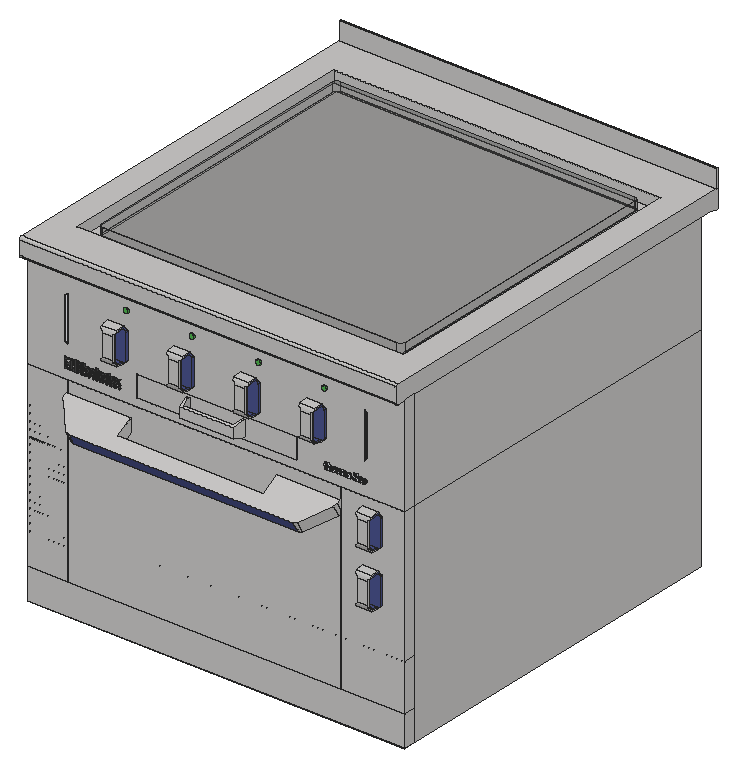
Revit family "QF_ELECTROLUXPROFESSIONAL_588695_MBLMGBH8AO", category Attrezzature speciali, Revit 2020 (continued)
Definition of nested family "Front_Panel_W800_Four Knobs_Spie"
  Definition of nested family "ELX_Professional_Logo_Small"
    Forms (mm)
      Extrusion 2, solid, material <- "Material_Logo"
        sketch origin (15.5, 0, 0) x (1, 0, 0) y (0, 1, 0)
          loop
            spline (-12.295, -0.468) -> (-12.474, -0.643) -> (-12.659, -0.805) -> (-12.85, -0.953) -> (-13.048, -1.087) -> (-13.254, -1.206) -> (-13.467, -1.311) -> (-13.69, -1.4) -> (-13.921, -1.475) -> (-14.162, -1.533) -> (-14.414, -1.575) -> (-14.677, -1.6) -> (-14.951, -1.609)
            spline (-14.951, -1.609) -> (-15.398, -1.581) -> (-15.823, -1.497) -> (-16.223, -1.362) -> (-16.596, -1.179) -> (-16.937, -0.95) -> (-17.243, -0.678) -> (-17.512, -0.367) -> (-17.739, -0.02) -> (-17.921, 0.36) -> (-18.055, 0.771) -> (-18.138, 1.208) -> (-18.167, 1.669)
          loop
            spline (-4.441, -1.243) -> (-4.659, -1.247) -> (-4.894, -1.23) -> (-5.137, -1.19) -> (-5.384, -1.121) -> (-5.628, -1.021) -> (-5.864, -0.884) -> (-6.084, -0.708) -> (-6.283, -0.488) -> (-6.454, -0.219) -> (-6.592, 0.101) -> (-6.69, 0.478) -> (-6.742, 0.914)
            line (-6.742, 0.914) -> (-6.742, 4.587) -> (-4.487, 4.587) -> (-4.487, 6.838) -> (-6.738, 6.838) -> (-6.738, 10.824) -> (-9.217, 10.824) -> (-9.217, 0.773)
            spline (-9.217, 0.773) -> (-9.164, 0.19) -> (-9.068, -0.358) -> (-8.928, -0.87) -> (-8.742, -1.343) -> (-8.511, -1.777) -> (-8.232, -2.168) -> (-7.904, -2.515) -> (-7.527, -2.816) -> (-7.098, -3.069) -> (-6.618, -3.273) -> (-6.084, -3.426) -> (-5.496, -3.525)
            line (-5.496, -3.525) -> (-4.45, -3.573) -> (-4.441, -1.243)
          loop
            spline (3.898, 6.983) -> (3.469, 7.009) -> (3.056, 7.001) -> (2.661, 6.961) -> (2.283, 6.888) -> (1.925, 6.785) -> (1.588, 6.652) -> (1.272, 6.49) -> (0.979, 6.301) -> (0.71, 6.085) -> (0.465, 5.844) -> (0.247, 5.578) -> (0.056, 5.289)
            line (0.056, 5.289) -> (0.056, 6.838) -> (-2.402, 6.838) -> (-2.402, -3.572) -> (0.056, -3.572) -> (0.056, 1.901)
            spline (0.056, 1.901) -> (0.079, 2.316) -> (0.145, 2.703) -> (0.254, 3.06) -> (0.404, 3.386) -> (0.592, 3.679) -> (0.818, 3.938) -> (1.08, 4.162) -> (1.375, 4.348) -> (1.703, 4.495) -> (2.062, 4.602) -> (2.45, 4.668) -> (2.865, 4.69)
            line (2.865, 4.69) -> (3.898, 4.586) -> (3.898, 6.983)
          loop
            spline (15.638, 1.633) -> (15.586, 2.396) -> (15.435, 3.124) -> (15.192, 3.81) -> (14.863, 4.449) -> (14.455, 5.034) -> (13.975, 5.56) -> (13.43, 6.021) -> (12.826, 6.411) -> (12.17, 6.724) -> (11.469, 6.955) -> (10.729, 7.098) -> (9.958, 7.147)
            spline (9.958, 7.147) -> (9.182, 7.098) -> (8.44, 6.955) -> (7.737, 6.724) -> (7.081, 6.411) -> (6.477, 6.021) -> (5.933, 5.56) -> (5.454, 5.034) -> (5.048, 4.449) -> (4.721, 3.81) -> (4.479, 3.124) -> (4.329, 2.396) -> (4.277, 1.633)
            spline (4.277, 1.633) -> (4.329, 0.869) -> (4.479, 0.141) -> (4.721, -0.544) -> (5.048, -1.183) -> (5.454, -1.768) -> (5.933, -2.294) -> (6.477, -2.755) -> (7.081, -3.145) -> (7.737, -3.459) -> (8.44, -3.69) -> (9.182, -3.833) -> (9.958, -3.882)
            spline (9.958, -3.882) -> (10.729, -3.833) -> (11.469, -3.69) -> (12.17, -3.459) -> (12.826, -3.145) -> (13.43, -2.755) -> (13.975, -2.294) -> (14.455, -1.768) -> (14.863, -1.183) -> (15.192, -0.544) -> (15.435, 0.141) -> (15.586, 0.869) -> (15.638, 1.633)
          loop
            spline (13.18, 1.633) -> (13.151, 2.083) -> (13.067, 2.513) -> (12.932, 2.918) -> (12.748, 3.296) -> (12.52, 3.642) -> (12.251, 3.954) -> (11.943, 4.227) -> (11.601, 4.459) -> (11.228, 4.645) -> (10.828, 4.782) -> (10.403, 4.867) -> (9.958, 4.896)
            spline (9.958, 4.896) -> (9.509, 4.867) -> (9.081, 4.782) -> (8.679, 4.645) -> (8.306, 4.459) -> (7.964, 4.227) -> (7.658, 3.954) -> (7.39, 3.642) -> (7.163, 3.296) -> (6.981, 2.918) -> (6.847, 2.513) -> (6.765, 2.083) -> (6.736, 1.633)
            spline (6.736, 1.633) -> (6.765, 1.182) -> (6.847, 0.753) -> (6.981, 0.347) -> (7.163, -0.031) -> (7.39, -0.377) -> (7.658, -0.689) -> (7.964, -0.962) -> (8.306, -1.193) -> (8.679, -1.38) -> (9.081, -1.517) -> (9.509, -1.602) -> (9.958, -1.631)
            spline (9.958, -1.631) -> (10.403, -1.602) -> (10.828, -1.517) -> (11.228, -1.38) -> (11.601, -1.193) -> (11.943, -0.962) -> (12.251, -0.689) -> (12.52, -0.377) -> (12.748, -0.031) -> (12.932, 0.347) -> (13.067, 0.753) -> (13.151, 1.182) -> (13.18, 1.633)
          loop
            line (17.162, 4.269) -> (17.162, -3.573) -> (19.642, -3.573) -> (19.642, 10.824) -> (17.162, 10.824) -> (17.162, 4.269)
          loop
            line (28.581, 6.838) -> (28.581, 0.786)
            spline (28.581, 0.786) -> (28.561, 0.393) -> (28.503, 0.038) -> (28.409, -0.279) -> (28.281, -0.559) -> (28.122, -0.802) -> (27.933, -1.011) -> (27.717, -1.185) -> (27.476, -1.325) -> (27.213, -1.433) -> (26.929, -1.509) -> (26.626, -1.554) -> (26.308, -1.569)
            spline (26.308, -1.569) -> (25.99, -1.554) -> (25.688, -1.509) -> (25.404, -1.434) -> (25.141, -1.326) -> (24.9, -1.187) -> (24.684, -1.014) -> (24.496, -0.807) -> (24.336, -0.565) -> (24.209, -0.288) -> (24.115, 0.026) -> (24.057, 0.376) -> (24.037, 0.765)
            line (24.037, 0.765) -> (24.037, 6.838) -> (21.537, 6.838) -> (21.537, 0.558)
            spline (21.537, 0.558) -> (21.581, -0.153) -> (21.71, -0.8) -> (21.916, -1.384) -> (22.195, -1.904) -> (22.54, -2.362) -> (22.944, -2.757) -> (23.403, -3.09) -> (23.909, -3.362) -> (24.456, -3.572) -> (25.04, -3.722) -> (25.652, -3.811) -> (26.288, -3.841)
            spline (26.288, -3.841) -> (26.929, -3.811) -> (27.547, -3.72) -> (28.135, -3.568) -> (28.687, -3.355) -> (29.197, -3.079) -> (29.66, -2.741) -> (30.068, -2.341) -> (30.415, -1.877) -> (30.696, -1.349) -> (30.905, -0.757) -> (31.034, -0.101) -> (31.079, 0.621)
            line (31.079, 0.621) -> (31.079, 6.838) -> (28.581, 6.838)
          loop
            line (40.457, -0.243) -> (38.894, 1.942) -> (40.83, 4.579) -> (42.488, 6.837) -> (39.782, 6.837) -> (37.53, 3.719) -> (35.258, 6.837) -> (32.573, 6.837) -> (34.113, 4.731) -> (36.167, 1.922) -> (34.014, -1.076) -> (32.222, -3.573) -> (34.887, -3.573) -> (37.53, 0.104) -> (40.174, -3.573) -> (42.839, -3.573) -> (40.457, -0.243)
          loop
            line (-46.121, -5.837) -> (-48.039, -5.837) -> (-48.039, -10.814) -> (-47.016, -10.814) -> (-47.016, -9.128) -> (-46.121, -9.128)
            arc (-46.121, -9.128) -> (-44.476, -7.482) -> (-46.121, -5.837) r 1.645
          loop
            line (-46.163, -6.778) -> (-47.016, -6.778) -> (-47.016, -8.187) -> (-46.163, -8.187)
            arc (-46.163, -8.187) -> (-45.458, -7.482) -> (-46.163, -6.778) r 0.704
          loop
            line (-38.313, -5.837) -> (-40.265, -5.837) -> (-40.265, -10.814) -> (-39.241, -10.814) -> (-39.241, -9.1) -> (-38.46, -9.182) -> (-37.48, -10.814) -> (-36.318, -10.814) -> (-37.513, -8.848)
            arc (-37.513, -8.848) -> (-36.888, -8.266) -> (-36.671, -7.441) r 1.536
            arc (-36.671, -7.441) -> (-37.165, -6.305) -> (-38.313, -5.837) r 1.643
          loop
            arc (-38.402, -8.166) -> (-37.707, -7.505) -> (-38.334, -6.778) r 0.696
            line (-38.334, -6.778) -> (-39.241, -6.778) -> (-39.241, -8.166) -> (-38.402, -8.166)
          loop
            circle (-29.965, -8.325) r 2.585
          loop
            circle (-29.965, -8.325) r 1.64
          loop
            line (-23.1, -5.837) -> (-23.1, -10.814) -> (-22.076, -10.814) -> (-22.076, -8.768) -> (-20.204, -8.768) -> (-20.204, -7.828) -> (-22.076, -7.828) -> (-22.076, -6.778) -> (-20.024, -6.778) -> (-20.024, -5.837) -> (-23.1, -5.837)
          loop
            line (-15.802, -5.837) -> (-15.802, -9.2)
            arc (-15.802, -9.2) -> (-15.343, -10.34) -> (-14.209, -10.814) r 1.593
            line (-14.209, -10.814) -> (-12.602, -10.814) -> (-12.602, -10.027) -> (-14.004, -10.027)
            arc (-14.004, -10.027) -> (-14.552, -9.8) -> (-14.779, -9.252) r 0.775
            line (-14.779, -9.252) -> (-14.779, -8.424) -> (-12.789, -8.424) -> (-12.789, -7.642) -> (-14.779, -7.642) -> (-14.779, -6.778) -> (-12.651, -6.778) -> (-12.651, -5.837) -> (-15.802, -5.837)
          loop
            line (-5.909, -7.143) -> (-5.173, -6.638)
            arc (-5.173, -6.638) -> (-5.855, -5.974) -> (-6.781, -5.755) r 1.782
            arc (-6.781, -5.755) -> (-7.397, -5.878) -> (-7.944, -6.189) r 1.974
            arc (-7.944, -6.189) -> (-8.202, -6.5) -> (-8.317, -6.888) r 1.013
            arc (-8.317, -6.888) -> (-8.306, -7.341) -> (-8.192, -7.78) r 1.985
            arc (-8.192, -7.78) -> (-7.749, -8.259) -> (-7.171, -8.563) r 1.928
            arc (-7.171, -8.563) -> (-6.637, -8.779) -> (-6.131, -9.056) r 5.041
            arc (-6.131, -9.056) -> (-5.934, -9.387) -> (-6.09, -9.74) r 0.42
            arc (-6.09, -9.74) -> (-6.631, -9.96) -> (-7.204, -9.845) r 1.016
            arc (-7.204, -9.845) -> (-7.625, -9.603) -> (-7.889, -9.196) r 1.033
            line (-7.889, -9.196) -> (-8.67, -9.686)
            arc (-8.67, -9.686) -> (-8.361, -10.198) -> (-7.908, -10.589) r 1.914
            arc (-7.908, -10.589) -> (-7.334, -10.834) -> (-6.714, -10.896) r 2.063
            arc (-6.714, -10.896) -> (-5.947, -10.743) -> (-5.256, -10.376) r 2.696
            arc (-5.256, -10.376) -> (-4.95, -9.565) -> (-5.108, -8.712) r 1.618
            arc (-5.108, -8.712) -> (-5.448, -8.319) -> (-5.884, -8.035) r 1.876
            arc (-5.884, -8.035) -> (-6.434, -7.789) -> (-6.999, -7.577) r 9.883
            arc (-6.999, -7.577) -> (-7.325, -7.07) -> (-6.854, -6.694) r 0.45
            arc (-6.854, -6.694) -> (-6.329, -6.809) -> (-5.909, -7.143) r 1.197
          loop
            line (1.61, -7.143) -> (2.345, -6.638)
            arc (2.345, -6.638) -> (1.663, -5.974) -> (0.737, -5.755) r 1.782
            arc (0.737, -5.755) -> (0.121, -5.878) -> (-0.425, -6.189) r 1.974
            arc (-0.425, -6.189) -> (-0.683, -6.5) -> (-0.799, -6.888) r 1.013
            arc (-0.799, -6.888) -> (-0.788, -7.341) -> (-0.674, -7.78) r 1.985
            arc (-0.674, -7.78) -> (-0.231, -8.259) -> (0.347, -8.563) r 1.928
            arc (0.347, -8.563) -> (0.881, -8.779) -> (1.387, -9.056) r 5.041
            arc (1.387, -9.056) -> (1.584, -9.387) -> (1.428, -9.74) r 0.42
            arc (1.428, -9.74) -> (0.887, -9.96) -> (0.314, -9.845) r 1.016
            arc (0.314, -9.845) -> (-0.107, -9.603) -> (-0.371, -9.196) r 1.033
            line (-0.371, -9.196) -> (-1.152, -9.686)
            arc (-1.152, -9.686) -> (-0.842, -10.198) -> (-0.39, -10.589) r 1.914
            arc (-0.39, -10.589) -> (0.184, -10.834) -> (0.804, -10.896) r 2.063
            arc (0.804, -10.896) -> (1.572, -10.743) -> (2.263, -10.376) r 2.696
            arc (2.263, -10.376) -> (2.568, -9.565) -> (2.411, -8.712) r 1.618
            arc (2.411, -8.712) -> (2.07, -8.319) -> (1.635, -8.035) r 1.876
            arc (1.635, -8.035) -> (1.084, -7.789) -> (0.519, -7.577) r 9.883
            arc (0.519, -7.577) -> (0.193, -7.07) -> (0.665, -6.694) r 0.45
            arc (0.665, -6.694) -> (1.189, -6.809) -> (1.61, -7.143) r 1.197
          loop
            line (6.801, -5.837) -> (6.801, -10.814) -> (7.825, -10.814) -> (7.825, -5.837) -> (6.801, -5.837)
          loop
            circle (14.724, -8.325) r 1.548
          loop
            circle (14.724, -8.325) r 2.585
          loop
            line (21.59, -10.814) -> (22.623, -10.814) -> (22.623, -7.685) -> (24.9, -10.814) -> (25.895, -10.814) -> (25.895, -5.837) -> (24.861, -5.837) -> (24.861, -9.061) -> (22.585, -5.837) -> (21.59, -5.837) -> (21.59, -10.814)
          loop
            line (31.054, -10.814) -> (31.539, -9.74) -> (33.38, -9.74) -> (33.865, -10.814) -> (34.965, -10.814) -> (32.46, -5.837) -> (29.956, -10.814) -> (31.054, -10.814)
          loop
            line (32.46, -7.698) -> (31.999, -8.719) -> (32.921, -8.719) -> (32.46, -7.698)
          loop
            line (40.047, -9.873) -> (40.047, -5.837) -> (39.024, -5.837) -> (39.024, -10.814) -> (41.961, -10.814) -> (41.961, -9.873) -> (40.047, -9.873)
          loop
            line (-74.986, -10.814) -> (-53.322, -10.814) -> (-53.322, 10.82) -> (-74.986, 10.82) -> (-74.986, -10.814)
          loop
            line (-61.261, 9.758) -> (-61.261, -9.707)
            arc (-61.261, -9.707) -> (-54.066, 0.025) -> (-61.261, 9.758) r 10.18
          loop
            line (-62.251, 8.349) -> (-62.251, 9.758)
            arc (-62.251, 9.758) -> (-70.347, 7.918) -> (-74.247, 0.59) r 9.976
            line (-74.247, 0.59) -> (-71.026, 0.59)
            arc (-71.026, 0.59) -> (-65.274, 2.925) -> (-62.251, 8.349) r 9.351
          loop
            arc (-74.247, -0.539) -> (-70.353, -7.928) -> (-62.251, -9.957) r 10.237
            line (-62.251, -9.957) -> (-62.251, -8.298)
            arc (-62.251, -8.298) -> (-65.274, -2.874) -> (-71.026, -0.539) r 9.351
            line (-71.026, -0.539) -> (-74.247, -0.539)
        from 0 to 1.644
    Dimensions and locks
      aligned and locked: plane 2 to Extrusion 1
      aligned and locked: level to Extrusion 1
